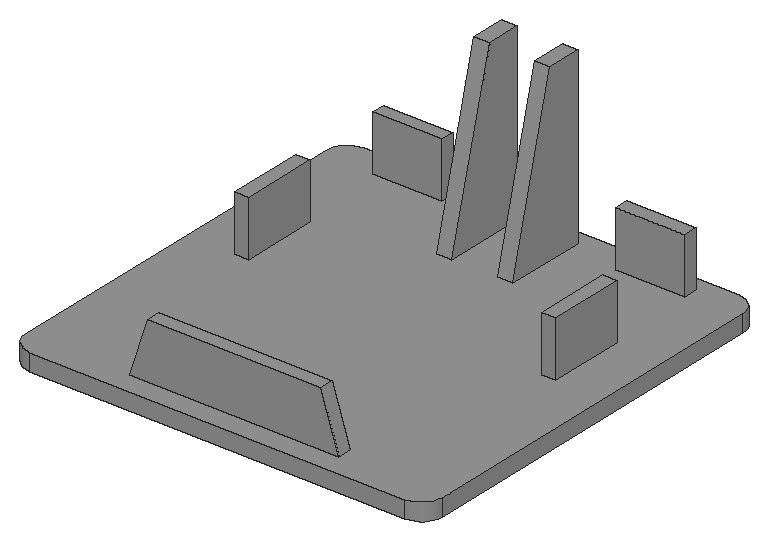
Revit family "Endstück WDK HE60060RW", category Generic Models, Revit 2017
Family settings
  Can host rebar = No
  Round Connector Dimension = Use Diameter
  Part Type = Normal
  Work Plane-Based = No
  Always vertical = Yes
  Cut with Voids When Loaded = No
  Shared = No
  Room Calculation Point = No
Parameters (values of type "WDK HE60060RW")
  Width = 60 mm
  URL = "http://www.obo-bettermann.com"
  Material = Polyvinylchlorid
  Manufacturer Art.No. = "6193285"
  Manufacturer = "OBO BETTERMANN"
  Height = 60 mm
  GTIN = "4012196712991"
  Article Type = "WDK HE60060RW"
Reference planes
  plane 1 "Center (Front/Back)": y = 0
  plane 2: z = 0
  plane 3 "Center (Left/Right)": x = 0
  plane 4: z = 2.5
  plane 5: x = 51.089
  plane 6: y = 43
  plane 7: x = 56.5
  plane 8: z = 10.5
  plane 9: x = 30
  plane 10: x = 60
  plane 11: x = 8.911
  plane 12: y = 43
  plane 13: x = 3.5
  plane 14: x = 15
  plane 15: x = 45
  plane 16: z = 10.5
  plane 17: x = 17.5
  plane 18: x = 42.5
  plane 19: y = 2.977
  plane 20: y = 4.977
  plane 21: x = 17.5
  plane 22: x = 42.5
  plane 23: y = 58
  plane 24: y = 56.019
  plane 25: y = 57.8
  plane 26: z = 27.5
  plane 27: y = 60
  plane 28: x = 24.55
  plane 29: x = 35.45
  plane 30: x = 26.75
  plane 31: x = 33.25
  plane 32: y = 57.8
  plane 33: z = 27.5
  plane 34: y = 60
Forms (mm)
  Extrusion 1, solid, material "Polyvinylchlorid" <- "Material"
    sketch origin (0, 0, 0) x (1, 0, 0) y (0, 1, 0)
      loop
        line (3, 0) -> (57, 0)
        arc (57, 0) -> (59.121, 0.879) -> (60, 3) r 3
        line (60, 3) -> (60, 57)
        arc (60, 57) -> (59.121, 59.121) -> (57, 60) r 3
        line (57, 60) -> (3, 60)
        arc (3, 60) -> (0.879, 59.121) -> (0, 57) r 3
        line (0, 57) -> (0, 3)
        arc (0, 3) -> (0.879, 0.879) -> (3, 0) r 3
    from 0 to 2.5
  Extrusion 2, solid, material "Polyvinylchlorid" <- "Material"
    sketch origin (0, 0, 0) x (1, 0, 0) y (0, 1, 0)
      loop
        line (51.089, 43) -> (51.089, 32) -> (53.089, 32) -> (53.089, 43) -> (51.089, 43)
    from 2.5 to 10.5
  Extrusion 3, solid, material "Polyvinylchlorid" <- "Material"
    sketch origin (60, 0, 0) x (-1, 0, 0) y (0, -1, 0)
      loop
        line (51.089, -43) -> (53.089, -43) -> (53.089, -32) -> (51.089, -32) -> (51.089, -43)
    from 2.5 to 10.5
  Extrusion 4, solid, material "Polyvinylchlorid" <- "Material"
    sketch origin (0, 0, 0) x (1, 0, 0) y (0, 0, 1)
      loop
        line (15, 2.5) -> (45, 2.5) -> (42.5, 10.5) -> (17.5, 10.5) -> (15, 2.5)
    from -4.977 to -2.977
  Extrusion 5, solid, material "Polyvinylchlorid" <- "Material"
    sketch origin (0, 0, 0) x (1, 0, 0) y (0, 1, 0)
      loop
        line (42.5, 58) -> (42.5, 56) -> (52.5, 56) -> (52.5, 58) -> (42.5, 58)
      loop
        line (17.5, 58) -> (7.5, 58) -> (7.5, 56.019) -> (17.5, 56.019) -> (17.5, 58)
    from 2.5 to 10.5
  Extrusion 6, solid, material "Polyvinylchlorid" <- "Material"
    sketch origin (0, 0, 0) x (0, 1, 0) y (0, 0, 1)
      loop
        line (58, 2.5) -> (58, 27.5) -> (53, 27.5) -> (46.301, 2.5) -> (58, 2.5)
    from 26.75 to 24.55
  Extrusion 7, solid, material "Polyvinylchlorid" <- "Material"
    sketch origin (60, 0, 0) x (0, 1, 0) y (0, 0, -1)
      loop
        line (58, -2.5) -> (46.301, -2.5) -> (53, -27.5) -> (58, -27.5) -> (58, -2.5)
    from 26.75 to 24.55
Dimensions and locks
  locked: Extrusion 1 sketch curve to Extrusion 1 sketch curve at 60  (x2)
  locked: Extrusion 1 to plane 6 at 17
  locked: plane 7 to Extrusion 1 at 3.5
  locked: Extrusion 2 sketch curve to Extrusion 2 sketch curve at 11
  locked: Extrusion 2 sketch curve to Extrusion 2 sketch curve at 2
  locked: Extrusion 2 sketch curve to Extrusion 1 at 17
  locked: plane 8 to Extrusion 1 at 8
  plane 10 to plane 3 "Center (Left/Right)" = 60 mm
  locked: plane 9 to plane 3 "Center (Left/Right)" at 30
  locked: Extrusion 3 sketch curve to Extrusion 3 sketch curve at 11
  locked: Extrusion 3 sketch curve to Extrusion 3 sketch curve at 2
  locked: plane 9 to plane 17 at 12.5
  locked: plane 18 to plane 9 at 12.5
  locked: Extrusion 4 sketch curve to Extrusion 1 at 8
  locked: Extrusion 4 sketch curve to Extrusion 4 sketch curve at 30
  locked: Extrusion 4 sketch curve to Extrusion 4 sketch curve at 25
  locked: plane 20 to plane 1 "Center (Front/Back)" at 4.977
  locked: Extrusion 1 to plane 23 at 2
  locked: Extrusion 5 sketch curve to Extrusion 5 sketch curve at 2
  locked: Extrusion 5 sketch curve to Extrusion 5 sketch curve at 10  (x2)
  Extrusion 5 sketch curve to Extrusion 5 sketch curve = 2 mm
  Extrusion 5 sketch curve to Extrusion 5 sketch curve = 10 mm
  locked: plane 1 "Center (Front/Back)" to Extrusion 5 at 58
  locked: plane 26 to plane 4 at 25
  locked: Extrusion 6 sketch curve to Extrusion 1 at 25
  locked: Extrusion 6 sketch curve to Extrusion 6 sketch curve at 5
  locked: Extrusion 6 sketch curve to Extrusion 6 sketch curve at 11.699
  locked: Extrusion 6 sketch curve to Extrusion 6 sketch curve at 25
  locked: Extrusion 6 sketch curve to Extrusion 6 sketch curve at 25.882
  locked: Extrusion 7 sketch curve to Extrusion 7 sketch curve at 5
  locked: Extrusion 7 sketch curve to Extrusion 7 sketch curve at 11.699
  locked: Extrusion 7 sketch curve to Extrusion 7 sketch curve at 25
  locked: Extrusion 7 sketch curve to Extrusion 7 sketch curve at 25.882
  aligned and locked: level to plane 2
  aligned and locked: plane 1 "Center (Front/Back)" to Extrusion 1
  aligned and locked: Extrusion 1 to plane 3 "Center (Left/Right)"
  aligned and locked: plane 4 to Extrusion 1
  aligned and locked: Extrusion 2 to Extrusion 1
  aligned and locked: plane 8 to Extrusion 2
  aligned and locked: Extrusion 2 to plane 4
  aligned and locked: Extrusion 4 to plane 20
  aligned and locked: plane 19 to Extrusion 4
  aligned and locked: Extrusion 2 to Extrusion 5
  aligned and locked: Extrusion 5 to Extrusion 1
  aligned and locked: plane 24 to Extrusion 5 sketch curve
  aligned and locked: plane 28 to Extrusion 6
  aligned and locked: Extrusion 6 to plane 30
Automatic sketch dimensions
  Extrusion 1 sketch curve to plane 3 "Center (Left/Right)" = 0 mm
  plane 1 "Center (Front/Back)" to Extrusion 1 sketch curve = 0 mm
  plane 3 "Center (Left/Right)" to Extrusion 1 sketch curve = 3 mm  (x2)
  Extrusion 1 sketch curve to plane 10 = 3 mm
  Extrusion 1 sketch curve to plane 19 = 0.023 mm
  Extrusion 2 sketch curve to plane 5 = 0 mm
  Extrusion 3 sketch curve to plane 11 = 0 mm
  Extrusion 3 sketch curve to plane 12 = 0 mm
  Extrusion 4 sketch curve to plane 4 = 0 mm
  Extrusion 4 sketch curve to plane 14 = 0 mm
  Extrusion 4 sketch curve to plane 17 = 0 mm
  Extrusion 5 sketch curve to plane 23 = 0 mm
  Extrusion 5 sketch curve to plane 21 = 0 mm
  Extrusion 5 sketch curve to plane 22 = 0 mm
  Extrusion 5 sketch curve to plane 24 = 0.019 mm
  Extrusion 6 sketch curve to plane 25 = 11.499 mm
  Extrusion 7 sketch curve to plane 4 = 0 mm
  Extrusion 7 sketch curve to plane 32 = 11.499 mm
